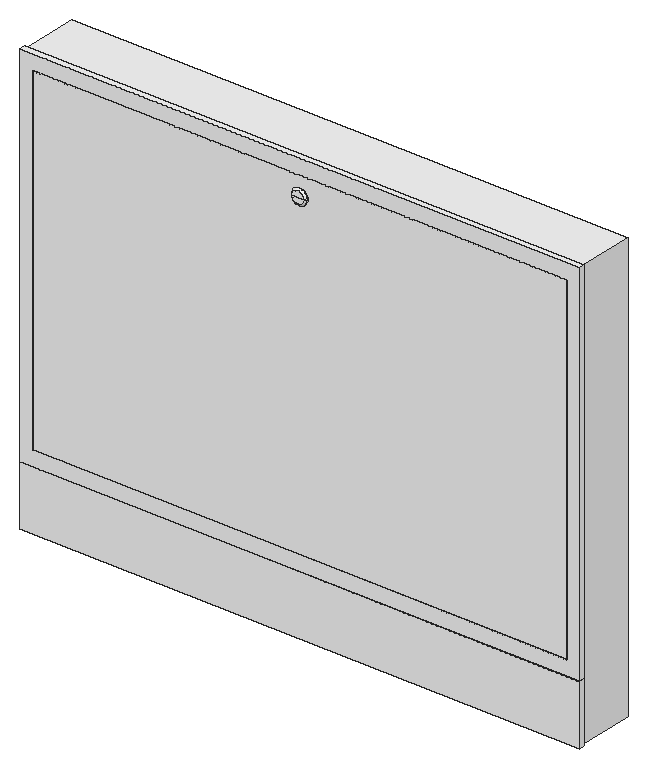
Revit family "UnoFloor Basic(Control)(Comfort)_RFA_1", category Pipe Accessories, Revit 2019
Family settings
  Round Connector Dimension = Use Diameter
  Part Type = Valve - Breaks Into
  OmniClass Number = 23.65.55.14.17
  OmniClass Title = Adjusting/Controlling Valves for Liquid Services
  Work Plane-Based = Yes
  Always vertical = Yes
  Cut with Voids When Loaded = No
  Shared = No
Parameters (values of type "UnoFloor Basic_4L-12L")
  W = 111.0 mm
  Voltage = 230 V
  URL = "https://store.danfoss.com/en/Climate-Solutions-for-heating/Stations/UnoFloor/c/31547?q=%3Arelevance%3Adanfoss_producttypehierarchydesc%3AUnoFloor+Basic&text="
  Type number = 1
  Type Comments = ""
  Right Assembly = not(Left Assembly)  # no
  Required Circuits [instance] = 12
  Product Code [instance] = if(Type number = 1, size_lookup(LookupTableName, "BL", "NA", Number of Circuits), if(Type number = 2, size_lookup(LookupTableName, "BR", "NA", Number of Circuits), if(Type number = 3, size_lookup(LookupTableName, "CL", "NA", Number of Circuits), if(Type number = 4, size_lookup(LookupTableName, "CR", "NA", Number of Circuits), if(Type number = 5, size_lookup(LookupTableName, "CoL", "NA", Number of Circuits), if(Type number = 6, size_lookup(LookupTableName, "CoR", "NA", Number of Circuits), "NA"))))))  # "088X3112"
  Pressure Drop [instance] = 0.0 Pa
  Power = 0 VA
  Pack Contents = "Danfoss Icon™ Wiring center 230V, Actuators, Stainless steel manifold, Spacer Heat meter"
  Number of Circuits [instance] = if(and(or(Type number = 3, Type number = 4), Required Circuits < 2), 2, if(and(or(Type number = 1, Type number = 2, Type number = 5, Type number = 6), Required Circuits < 4), 4, if(Required Circuits > 12, 12, if(Required Circuits = 9, 10, if(Required Circuits = 11, 12, Required Circuits)))))  # 12
  Nominal Pressure = "PN 6"  # constant formula
  Model Type [instance] = if(Type number = 1, size_lookup(LookupTableName, "TypeBL", "NA", Number of Circuits), if(Type number = 2, size_lookup(LookupTableName, "TypeBR", "NA", Number of Circuits), if(Type number = 3, size_lookup(LookupTableName, "TypeCL", "NA", Number of Circuits), if(Type number = 4, size_lookup(LookupTableName, "TypeCR", "NA", Number of Circuits), if(Type number = 5, size_lookup(LookupTableName, "TypeCoL", "NA", Number of Circuits), if(Type number = 6, size_lookup(LookupTableName, "TypeCoR", "NA", Number of Circuits), "NA"))))))  # "UnoFloor Basic 12 Loops Left Vert IW"
  Model = "088X3104, 088X3105, 088X3106, 088X3107, 088X3108, 088X3110, 088X3112"
  Max Medium Temperature = "60 °C"  # constant formula
  Max Differential Pressure = "0.6 bar"  # constant formula
  Manufacturer = "Danfoss"  # constant formula
  LookupTableName = "Unofloor Basic(Comfort)(control)_Lookup"  # constant formula
  Left Assembly = yes
  L5a [instance] = if(Left Assembly, L5, (L - L5 + 2.0 mm - ((Number of Circuits - 1) * 50.0 mm)))  # 255.5 mm
  L5 = 255.5 mm
  L4a [instance] = if(Left Assembly, L4, (L - L4 + 2.0 mm - ((Number of Circuits - 1) * 50.0 mm)))  # 280.5 mm
  L4 = 280.5 mm
  L3a [instance] = if(Left Assembly, L3, L - L3 + 2.0 mm)  # 194.0 mm
  L3 = 194.0 mm
  L2a [instance] = if(Left Assembly, L2, L - L2 + 2.0 mm)  # 99.6 mm
  L2 = 99.6 mm
  L1 = 50.0 mm  # constant formula
  L [instance] = if(and(Number of Circuits > 1, Number of Circuits < 7), 650.0 mm, if(and(Number of Circuits > 6, Number of Circuits < 9), 800.0 mm, 1000.0 mm))  # 1000.0 mm
  IfcExportType = "Unofloor Basic Left"
  IfcExportAs = "IfcValveType"  # constant formula
  H2 = 152.6 mm  # constant formula
  H1 = 263.3 mm  # constant formula
  H = 769.0 mm  # constant formula
  Flow 9 [instance] = 0.0 m³/h
  Flow 8 [instance] = 0.0 m³/h
  Flow 7 [instance] = 0.0 m³/h
  Flow 6 [instance] = 0.0 m³/h
  Flow 5 [instance] = 0.0 m³/h
  Flow 4 [instance] = 0.0 m³/h
  Flow 3 [instance] = 0.0 m³/h
  Flow 2 [instance] = 0.0 m³/h
  Flow 12 [instance] = 0.0 m³/h
  Flow 11 [instance] = 0.0 m³/h
  Flow 10 [instance] = 0.0 m³/h
  Flow 1 [instance] = 0.0 m³/h
  Flow [instance] = 0.0 m³/h
  Description = "Distribution Units"  # constant formula
  Default Elevation = 1219.2 mm
  D = 20.0 mm  # constant formula
  Clearance Zone Front Visibility [instance] = no
  Clearance Zone Front [instance] = 400.0 mm  # constant formula
  Body Material = Danfoss Steel (Zinc Plated and Painted White)
Types (7, lengths in mm): name | URL | Type number | Right Assembly | Product Code | Pack Contents | Model Type | Model | Left Assembly | L5a | L5 | L4a | L3a | L3 | L2a | L2 | IfcExportType
  (no name) | "https://store.danfoss.com/en/Climate-Solutions-for-heating/Stations/UnoFloor/c/31547?q=%3Arelevance%3Adanfoss_producttypehierarchydesc%3AUnoFloor+Basic&text=" | 1 | no | "088X3112" | "Danfoss Icon™ Wiring center 230V, Actuators, Stainless steel manifold, Spacer Heat meter" | "UnoFloor Basic 12 Loops Left Vert IW" | "088X3104, 088X3105, 088X3106, 088X3107, 088X3108, 088X3110, 088X3112" | yes | 255.5 | 255.5 | 280.5 | 194.0 | 194.0 | 99.6 | 99.6 | "Unofloor Basic Left"
  UnoFloor Control_4L-12L | "https://store.danfoss.com/en/Climate-Solutions-for-heating/Stations/UnoFloor/c/31547?q=%3Arelevance%3Adanfoss_producttypehierarchydesc%3AUnoFloor+Control&text=" | 5 | no | "088X3652" | "Danfoss Icon2™ Master controller 230V, Actuators, Stainless steel manifold, Spacer Heat meter, AB-PM" | "UnoFloor Control 12 Loops Left ICON2 - 230V" | "088X3644,088X3645,088X3646,088X3647,088X3648,088X3650,088X3652" | yes | 255.5 | 255.5 | 280.5 | 189.0 | 189.0 | 100.6 | 100.6 | "Unofloor Control Left"
  UnoFloor Basic_4R-12R | "https://store.danfoss.com/en/Climate-Solutions-for-heating/Stations/UnoFloor/c/31547?q=%3Arelevance%3Adanfoss_producttypehierarchydesc%3AUnoFloor+Basic&text=" | 2 | yes | "088X3132" | "Danfoss Icon™ Wiring center 230V, Actuators, Stainless steel manifold, Spacer Heat meter" | "UnoFloor Basic 12 Loops Right Vert IW" | "088X3124, 088X3125, 088X3126, 088X3127, 088X3128, 088X3130, 088X3132" | no | 146.5 | 305.5 | 171.5 | 808.0 | 194.0 | 902.4 | 99.6 | "Unofloor Basic Right"
  UnoFloor Basic_4L-12L | "https://store.danfoss.com/en/Climate-Solutions-for-heating/Stations/UnoFloor/c/31547?q=%3Arelevance%3Adanfoss_producttypehierarchydesc%3AUnoFloor+Basic&text=" | 1 | no | "088X3112" | "Danfoss Icon™ Wiring center 230V, Actuators, Stainless steel manifold, Spacer Heat meter" | "UnoFloor Basic 12 Loops Left Vert IW" | "088X3104, 088X3105, 088X3106, 088X3107, 088X3108, 088X3110, 088X3112" | yes | 255.5 | 255.5 | 280.5 | 194.0 | 194.0 | 99.6 | 99.6 | "Unofloor Basic Left"
  UnoFloor Control_4R-12R | "https://store.danfoss.com/en/Climate-Solutions-for-heating/Stations/UnoFloor/c/31547?q=%3Arelevance%3Adanfoss_producttypehierarchydesc%3AUnoFloor+Control&text=" | 6 | yes | "088X3672" | "Danfoss Icon2™ Master controller 230V, Actuators, Stainless steel manifold, Spacer Heat meter, AB-PM" | "UnoFloor Control 12 Loops Right ICON2 - 230V" | "088X3664,088X3665,088X3666,088X3667,088X3668,088X3670,088X3672" | no | 196.5 | 255.5 | 171.5 | 813.0 | 189.0 | 901.4 | 100.6 | "Unofloor Control Right"
  UnoFloor Comfort_2L-12L | "https://store.danfoss.com/en/Climate-Solutions-for-heating/Stations/UnoFloor/c/31547?q=%3Arelevance%3Adanfoss_producttypehierarchydesc%3AUnoFloor+Comfort&text=" | 3 | no | "088X3212" | "Danfoss Icon™ Wiring center 230V, Actuators, Stainless steel manifold, Spacer Heat meter, AB-PM" | "UnoFloor Comfort 12 Loops Left Vert IW" | "088X3202,088X3203,088X3204,088X3205,088X3206,088X3207,088X3208,088X3210,088X3212" | yes | 255.5 | 255.5 | 280.5 | 189.0 | 189.0 | 100.6 | 100.6 | "Unofloor Comfort Left"
  UnoFloor Comfort_2R-12R | "https://store.danfoss.com/en/Climate-Solutions-for-heating/Stations/UnoFloor/c/31547?q=%3Arelevance%3Adanfoss_producttypehierarchydesc%3AUnoFloor+Comfort&text=" | 4 | yes | "088X3232" | "Danfoss Icon™ Wiring center 230V, Actuators, Stainless steel manifold, Spacer Heat meter, AB-PM" | "UnoFloor Comfort 12 Loops Right Vert IW" | "088X3222,088X3223,088X3224,088X3225,088X3226,088X3227,088X3228,088X3230,088X3232" | no | 196.5 | 255.5 | 171.5 | 813.0 | 189.0 | 901.4 | 100.6 | "Unofloor Comfort Right"
Reference planes
  plane 1 "Center (Front/Back)": y = 0
  plane 2: z = 0
  plane 3 "Center (Left/Right)": x = 0
  plane 4: x = 0
  plane 5: x = 1000
  plane 6: z = 769
  plane 7 "Ref. Level 4": z = 152.6
  plane 8 "Ref. Level 3": z = 263.3
  plane 9 "Ref. Level 1": z = 436.7
  plane 10 "Ref. Level 2": z = 291.9
  plane 11: x = 280.5
  plane 12: y = 101
  plane 13 "Front 1": y = 66.5
  plane 14 "Front 2": y = 26.5
  plane 15: x = 99.6
  plane 16: x = 194
  plane 17: x = 255.5
  plane 18: y = -10
  plane 19: x = 500
  plane 20 "Ref-Level_1": z = 707.5
Forms (mm)
  Extrusion 1, solid
    sketch origin (255.5, 0, 436.7) x (0, 1, 0) y (-1, 0, 0)
      loop
        circle (66.5, 0) r 13.22
    from 0 to 16.7
  Extrusion 2, solid, material "Danfoss Steel (Zinc Plated and Painted White)" <- "Body Material", detail levels fine
    sketch origin (94.5, 0, 0) x (1, 0, 0) y (0, 0, 1)
      loop
        line (-94.5, 0) -> (905.5, 0) -> (905.5, 769) -> (-94.5, 769) -> (-94.5, 0)
    from 10 to -101
  Extrusion 3, solid
    sketch origin (305.5, 0, 436.7) x (0, 1, 0) y (-1, 0, 0)
      loop
        circle (66.5, 0) r 13.22
    from 0 to 16.7
  Extrusion 4, solid
    sketch origin (355.5, 0, 436.7) x (0, 1, 0) y (-1, 0, 0)
      loop
        circle (66.5, 0) r 13.22
    from 0 to 16.7
  Extrusion 5, solid
    sketch origin (405.5, 0, 436.7) x (0, 1, 0) y (-1, 0, 0)
      loop
        circle (66.5, 0) r 13.22
    from 0 to 16.7
  Extrusion 6, solid
    sketch origin (244, 61.5, 291.9) x (0, 1, 0) y (-1, 0, 0)
      loop
        circle (-35, -36.5) r 13.22
    from 0 to 16.7
  Extrusion 7, solid
    sketch origin (294, 61.5, 291.9) x (0, 1, 0) y (-1, 0, 0)
      loop
        circle (-35, -36.5) r 13.22
    from 0 to 16.7
  Extrusion 8, solid
    sketch origin (344, 61.5, 291.9) x (0, 1, 0) y (-1, 0, 0)
      loop
        circle (-35, -36.5) r 13.22
    from 0 to 16.7
  Extrusion 9, solid
    sketch origin (394, 61.5, 291.9) x (0, 1, 0) y (-1, 0, 0)
      loop
        circle (-35, -36.5) r 13.22
    from 0 to 16.7
  Extrusion 10, solid, material "Danfoss Steel (Zinc Plated and Painted White)" <- "Body Material", detail levels fine
    sketch origin (94.5, 0, 263.3) x (-1, 0, 0) y (0, -1, 0)
      loop
        circle (-5.1, -66.5) r 13.2
    from 0 to 12.3
  Extrusion 11, solid, material "Danfoss Steel (Zinc Plated and Painted White)" <- "Body Material", detail levels fine
    sketch origin (94.5, 0, 152.6) x (-1, 0, 0) y (0, -1, 0)
      loop
        circle (-99.5, -26.5) r 13.2
    from 0 to 12.3
  Extrusion 12, solid
    sketch origin (455.5, 0, 436.7) x (0, 1, 0) y (-1, 0, 0)
      loop
        circle (66.5, 0) r 13.22
    from 0 to 16.7
  Extrusion 13, solid
    sketch origin (505.5, 0, 436.7) x (0, 1, 0) y (-1, 0, 0)
      loop
        circle (66.5, 0) r 13.22
    from 0 to 16.7
  Extrusion 14, solid
    sketch origin (555.5, 0, 436.7) x (0, 1, 0) y (-1, 0, 0)
      loop
        circle (66.5, 0) r 13.22
    from 0 to 16.7
  Extrusion 15, solid
    sketch origin (605.5, 0, 436.7) x (0, 1, 0) y (-1, 0, 0)
      loop
        circle (66.5, 0) r 13.22
    from 0 to 16.7
  Extrusion 16, solid
    sketch origin (655.5, 0, 436.7) x (0, 1, 0) y (-1, 0, 0)
      loop
        circle (66.5, 0) r 13.22
    from 0 to 16.7
  Extrusion 17, solid
    sketch origin (705.5, 0, 436.7) x (0, 1, 0) y (-1, 0, 0)
      loop
        circle (66.5, 0) r 13.22
    from 0 to 16.7
  Extrusion 18, solid
    sketch origin (755.5, 0, 436.7) x (0, 1, 0) y (-1, 0, 0)
      loop
        circle (66.5, 0) r 13.22
    from 0 to 16.7
  Extrusion 19, solid
    sketch origin (805.5, 0, 436.7) x (0, 1, 0) y (-1, 0, 0)
      loop
        circle (66.5, 0) r 13.22
    from 0 to 16.7
  Extrusion 20, solid
    sketch origin (444, 61.5, 291.9) x (0, 1, 0) y (-1, 0, 0)
      loop
        circle (-35, -36.5) r 13.22
    from 0 to 16.7
  Extrusion 21, solid
    sketch origin (494, 61.5, 291.9) x (0, 1, 0) y (-1, 0, 0)
      loop
        circle (-35, -36.5) r 13.22
    from 0 to 16.7
  Extrusion 22, solid
    sketch origin (544, 61.5, 291.9) x (0, 1, 0) y (-1, 0, 0)
      loop
        circle (-35, -36.5) r 13.22
    from 0 to 16.7
  Extrusion 23, solid
    sketch origin (594, 61.5, 291.9) x (0, 1, 0) y (-1, 0, 0)
      loop
        circle (-35, -36.5) r 13.22
    from 0 to 16.7
  Extrusion 24, solid
    sketch origin (644, 61.5, 291.9) x (0, 1, 0) y (-1, 0, 0)
      loop
        circle (-35, -36.5) r 13.22
    from 0 to 16.7
  Extrusion 25, solid
    sketch origin (694, 61.5, 291.9) x (0, 1, 0) y (-1, 0, 0)
      loop
        circle (-35, -36.5) r 13.22
    from 0 to 16.7
  Extrusion 26, solid
    sketch origin (744, 61.5, 291.9) x (0, 1, 0) y (-1, 0, 0)
      loop
        circle (-35, -36.5) r 13.22
    from 0 to 16.7
  Extrusion 27, solid
    sketch origin (794, 61.5, 291.9) x (0, 1, 0) y (-1, 0, 0)
      loop
        circle (-35, -36.5) r 13.22
    from 0 to 16.7
  Extrusion 28, void
    sketch origin (0, 0, 0) x (1, 0, 0) y (0, 0, 1)
      loop
        line (23, 742) -> (23, 134) -> (977, 134) -> (977, 742) -> (23, 742)
      loop
        line (24, 135) -> (976, 135) -> (976, 741) -> (24, 741) -> (24, 135)
    from 0 to 10
  Extrusion 29, void
    sketch origin (0, 0, 0) x (1, 0, 0) y (0, 0, 1)
      loop
        line (0, 108) -> (0, 107) -> (1000, 107) -> (1000, 108) -> (0, 108)
    from 0 to 10
  Extrusion 30, void
    sketch origin (0, 0, 0) x (1, 0, 0) y (0, 0, 1)
      loop
        line (0, 769) -> (0, 0) -> (3.5, 0) -> (3.5, 766.5) -> (996.5, 766.5) -> (996.5, 0) -> (1000, 0) -> (1000, 769) -> (0, 769)
    from 0 to -101
  Revolve 31, solid, material "Danfoss Steel (Zinc Plated and Painted White)" <- "Body Material", detail levels fine
    sketch origin (0, 0, 707.5) x (-1, 0, 0) y (0, -1, 0)
      loop
        line (-485.988, 10) -> (-485.988, 11) -> (-488.988, 14) -> (-500, 14) -> (-500, 10) -> (-485.988, 10)
      axis (-500, 10) -> (-500, 14)
    angle from 0 to 360
  Extrusion 32, solid, material "Danfoss Steel (Zinc Plated and Painted White)" <- "Body Material", detail levels coarse+medium
    sketch origin (0, 0, 0) x (1, 0, 0) y (0, 0, 1)
      loop
        line (1000, 769) -> (0, 769) -> (0, 0) -> (1000, 0) -> (1000, 769)
    from -101 to 10
  Extrusion 33, solid, material "Transparent", visible <- "Clearance Zone Front Visibility"
    sketch origin (0, 0, 0) x (1, 0, 0) y (0, 0, 1)
      loop
        line (0, 769) -> (0, 0) -> (1000, 0) -> (1000, 769) -> (0, 769)
    from -101 to 299
Cuts and joins
  Extrusion 28, Extrusion 29, Extrusion 30 cuts Extrusion 2
Dimensions and locks
  "L": plane 5 to plane 4
  "H": plane 6 to level
  "H2": plane 7 "Ref. Level 4" to level
  "H1": plane 8 "Ref. Level 3" to level
  locked: plane 9 "Ref. Level 1" to plane 2 at 436.7
  equal spacing: group 1, group 2, group 3, group 4, group 9, group 10, group 11, group 12, group 13, group 14, group 15, group 16  (x3)
  locked: plane 13 "Front 1" to plane 12 at 34.5
  locked: plane 14 "Front 2" to plane 13 "Front 1" at 40
  equal spacing: group 5, group 6, group 7, group 8, group 17, group 18, group 19, group 20, group 21, group 22, group 23, group 24  (x3)
  "L1": plane 11 to Extrusion 7
  locked: plane 9 "Ref. Level 1" to plane 10 "Ref. Level 2" at 144.8
  "L4a": plane 11 to plane 4
  "L1": plane 17 to Extrusion 3
  "L5a": plane 17 to plane 4
  "L2a": plane 15 to plane 4
  "L3a": plane 16 to plane 4
  "W": plane 18 to plane 12
  locked: plane 18 to plane 1 "Center (Front/Back)" at 10
  locked: plane 6 to Extrusion 28 sketch curve at 27
  locked: Extrusion 28 sketch curve to plane 4 at 23
  locked: plane 5 to Extrusion 28 sketch curve at 23
  locked: Extrusion 28 sketch curve to Extrusion 28 sketch curve at 1
  equal spacing: plane 5, plane 19, plane 3 "Center (Left/Right)"
  Extrusion 29 sketch curve to Extrusion 29 sketch curve to plane 2 = 1.0 mm locked, 107.0 mm locked
  locked: Extrusion 30 sketch curve to plane 4 at 3.5
  locked: plane 6 to Extrusion 30 sketch curve at 2.5
  locked: plane 5 to Extrusion 30 sketch curve at 3.5
  locked: plane 6 to plane 20 "Ref-Level_1" at 61.5
  Revolve 31 sketch curve to Revolve 31 sketch curve = 14.012 mm
  locked: Revolve 31 sketch curve to cut or joined group of Extrusion 2, Extrusion 28, Extrusion 29, Extrusion 30 at 4
  locked: Revolve 31 sketch curve to cut or joined group of Extrusion 2, Extrusion 28, Extrusion 29, Extrusion 30 at 1
  "Clearance Zone Front": Extrusion 33 to plane 12
  locked: Extrusion 28 sketch curve to plane 2 at 134
  diameter of Extrusion 1 sketch curve = 26.44 mm
  diameter of Extrusion 3 sketch curve = 26.44 mm
  diameter of Extrusion 4 sketch curve = 26.44 mm
  diameter of Extrusion 5 sketch curve = 26.44 mm
  diameter of Extrusion 6 sketch curve = 26.44 mm
  diameter of Extrusion 7 sketch curve = 26.44 mm
  diameter of Extrusion 8 sketch curve = 26.44 mm
  diameter of Extrusion 9 sketch curve = 26.44 mm
  diameter of Extrusion 10 sketch curve = 26.4 mm
  diameter of Extrusion 11 sketch curve = 26.4 mm
  diameter of Extrusion 12 sketch curve = 26.44 mm
  diameter of Extrusion 13 sketch curve = 26.44 mm
  diameter of Extrusion 14 sketch curve = 26.44 mm
  diameter of Extrusion 15 sketch curve = 26.44 mm
  diameter of Extrusion 16 sketch curve = 26.44 mm
  diameter of Extrusion 17 sketch curve = 26.44 mm
  diameter of Extrusion 18 sketch curve = 26.44 mm
  diameter of Extrusion 19 sketch curve = 26.44 mm
  diameter of Extrusion 20 sketch curve = 26.44 mm
  diameter of Extrusion 21 sketch curve = 26.44 mm
  diameter of Extrusion 22 sketch curve = 26.44 mm
  diameter of Extrusion 23 sketch curve = 26.44 mm
  diameter of Extrusion 24 sketch curve = 26.44 mm
  diameter of Extrusion 25 sketch curve = 26.44 mm
  diameter of Extrusion 26 sketch curve = 26.44 mm
  diameter of Extrusion 27 sketch curve = 26.44 mm
  locked: Revolve 31 sketch curve to Revolve 31 sketch curve (angle 135.00°)
  aligned and locked: level to plane 2
  aligned and locked: plane 17 to Extrusion 1
  aligned and locked: plane 11 to Extrusion 6
  aligned and locked: plane 18 to Extrusion 2
  aligned and locked: Extrusion 2 to plane 12
  aligned and locked: Extrusion 2 to Extrusion 28
  aligned and locked: plane 3 "Center (Left/Right)" to Extrusion 29 sketch curve
  aligned and locked: Extrusion 29 sketch curve to plane 5
  aligned and locked: Extrusion 2 to Extrusion 29
  aligned and locked: Extrusion 30 sketch curve to cut or joined group of Extrusion 2, Extrusion 28, Extrusion 29, Extrusion 30  (x2)
  aligned and locked: cut or joined group of Extrusion 2, Extrusion 28, Extrusion 29, Extrusion 30 to Extrusion 30 sketch curve
  aligned and locked: Extrusion 30 sketch curve to plane 2
  aligned and locked: Extrusion 30 to Extrusion 2
  aligned and locked: cut or joined group of Extrusion 2, Extrusion 28, Extrusion 29, Extrusion 30 to Revolve 31 sketch curve
  aligned and locked: Revolve 31 sketch curve to plane 19
  aligned and locked: Revolve 31 sketch curve to Revolve 31 sketch curve  (x3)
  aligned and locked: Extrusion 32 sketch curve to cut or joined group of Extrusion 2, Extrusion 28, Extrusion 29, Extrusion 30  (x3)
  aligned and locked: cut or joined group of Extrusion 2, Extrusion 28, Extrusion 29, Extrusion 30 to Extrusion 32 sketch curve
  aligned and locked: plane 18 to Extrusion 32
  aligned and locked: Extrusion 32 to plane 12
  aligned and locked: Extrusion 33 sketch curve to cut or joined group of Extrusion 2, Extrusion 28, Extrusion 29, Extrusion 30  (x3)
  aligned and locked: cut or joined group of Extrusion 2, Extrusion 28, Extrusion 29, Extrusion 30 to Extrusion 33 sketch curve
  aligned and locked: Extrusion 33 to plane 12
Automatic sketch dimensions
  Extrusion 2 sketch curve to plane 4 = 0.0 mm
  Extrusion 2 sketch curve to plane 5 = 0.0 mm
  Extrusion 2 sketch curve to level = 0.0 mm
  Extrusion 2 sketch curve to plane 6 = 0.0 mm
  plane 13 "Front 1" to Extrusion 10 sketch curve = 0.0 mm
  Extrusion 10 sketch curve to plane 15 = 0.0 mm
  plane 14 "Front 2" to Extrusion 11 sketch curve = 0.0 mm
  Extrusion 11 sketch curve to plane 16 = 0.0 mm
  Extrusion 28 sketch curve to Extrusion 28 sketch curve = 1.0 mm  (x3)
  Extrusion 30 sketch curve to level = 0.0 mm
Connectors
  piping at (99.6, 66.5, 263.3), diameter 20, driven by "D", driven by "Flow"
    settings: on Extrusion 10, index 1, connector inside diameter 609.6 mm, connector length 0.0 mm, flow factor 0, pipe flow 0.0 m³/h, pressure drop 0.0 Pa, fitting loss kfactor 0, connector angle 0.00°, fixture units 0, engagement length 0.0 mm, angle of deflection 0.00°, flow configuration 0, flow direction 2, fitting loss method 0, system type 8, joint type 0, gender type 0, connector reference index -1, connector utility 0, adjustable connector no, is connector primary yes, connector description "Return"
  piping at (194, 26.5, 152.6), diameter 20, driven by "D", driven by "Flow"
    settings: on Extrusion 11, index 2, connector inside diameter 609.6 mm, connector length 0.0 mm, flow factor 0, pipe flow 0.0 m³/h, pressure drop 0.0 Pa, fitting loss kfactor 0, connector angle 0.00°, fixture units 0, engagement length 0.0 mm, angle of deflection 0.00°, flow configuration 0, flow direction 1, fitting loss method 0, system type 7, joint type 0, gender type 0, connector reference index -1, connector utility 0, adjustable connector no, is connector primary no, connector description "Supply"
  piping at (280.5, 26.5, 291.9), diameter 20, driven by "D", driven by "Flow 1"
    settings: on Extrusion 6, index 3, connector inside diameter 609.6 mm, connector length 0.0 mm, flow factor 0, pipe flow 0.0 m³/h, pressure drop 0.0 Pa, fitting loss kfactor 0, connector angle 0.00°, fixture units 0, engagement length 0.0 mm, angle of deflection 0.00°, flow configuration 0, flow direction 1, fitting loss method 0, system type 7, joint type 0, gender type 0, connector reference index -1, connector utility 0, adjustable connector no, is connector primary no, connector description "Supply1"
  piping at (330.5, 26.5, 291.9), diameter 20, driven by "D", driven by "Flow 2"
    settings: on Extrusion 7, index 4, connector inside diameter 609.6 mm, connector length 0.0 mm, flow factor 0, pipe flow 0.0 m³/h, pressure drop 0.0 Pa, fitting loss kfactor 0, connector angle 0.00°, fixture units 0, engagement length 0.0 mm, angle of deflection 0.00°, flow configuration 0, flow direction 1, fitting loss method 0, system type 7, joint type 0, gender type 0, connector reference index -1, connector utility 0, adjustable connector no, is connector primary no, connector description "Supply2"
  piping at (380.5, 26.5, 291.9), diameter 20, driven by "D", driven by "Flow 3"
    settings: on Extrusion 8, index 5, connector inside diameter 609.6 mm, connector length 0.0 mm, flow factor 0, pipe flow 0.0 m³/h, pressure drop 0.0 Pa, fitting loss kfactor 0, connector angle 0.00°, fixture units 0, engagement length 0.0 mm, angle of deflection 0.00°, flow configuration 0, flow direction 1, fitting loss method 0, system type 7, joint type 0, gender type 0, connector reference index -1, connector utility 0, adjustable connector no, is connector primary no, connector description "Supply3"
  piping at (430.5, 26.5, 291.9), diameter 20, driven by "D", driven by "Flow 4"
    settings: on Extrusion 9, index 6, connector inside diameter 609.6 mm, connector length 0.0 mm, flow factor 0, pipe flow 0.0 m³/h, pressure drop 0.0 Pa, fitting loss kfactor 0, connector angle 0.00°, fixture units 0, engagement length 0.0 mm, angle of deflection 0.00°, flow configuration 0, flow direction 1, fitting loss method 0, system type 7, joint type 0, gender type 0, connector reference index -1, connector utility 0, adjustable connector no, is connector primary no, connector description "Supply4"
  piping at (405.5, 66.5, 436.7), diameter 20, driven by "D", driven by "Flow 4"
    settings: on Extrusion 5, index 11, connector inside diameter 609.6 mm, connector length 0.0 mm, flow factor 0, pipe flow 0.0 m³/h, pressure drop 0.0 Pa, fitting loss kfactor 0, connector angle 0.00°, fixture units 0, engagement length 0.0 mm, angle of deflection 0.00°, flow configuration 0, flow direction 2, fitting loss method 0, system type 8, joint type 0, gender type 0, connector reference index -1, connector utility 0, adjustable connector no, is connector primary no, connector description "Return4"
  piping at (355.5, 66.5, 436.7), diameter 20, driven by "D", driven by "Flow 3"
    settings: on Extrusion 4, index 12, connector inside diameter 609.6 mm, connector length 0.0 mm, flow factor 0, pipe flow 0.0 m³/h, pressure drop 0.0 Pa, fitting loss kfactor 0, connector angle 0.00°, fixture units 0, engagement length 0.0 mm, angle of deflection 0.00°, flow configuration 0, flow direction 2, fitting loss method 0, system type 8, joint type 0, gender type 0, connector reference index -1, connector utility 0, adjustable connector no, is connector primary no, connector description "Return3"
  piping at (305.5, 66.5, 436.7), diameter 20, driven by "D", driven by "Flow 2"
    settings: on Extrusion 3, index 13, connector inside diameter 609.6 mm, connector length 0.0 mm, flow factor 0, pipe flow 0.0 m³/h, pressure drop 0.0 Pa, fitting loss kfactor 0, connector angle 0.00°, fixture units 0, engagement length 0.0 mm, angle of deflection 0.00°, flow configuration 0, flow direction 2, fitting loss method 0, system type 8, joint type 0, gender type 0, connector reference index -1, connector utility 0, adjustable connector no, is connector primary no, connector description "Return2"
  piping at (255.5, 66.5, 436.7), diameter 20, driven by "D", driven by "Flow 1"
    settings: on Extrusion 1, index 14, connector inside diameter 609.6 mm, connector length 0.0 mm, flow factor 0, pipe flow 0.0 m³/h, pressure drop 0.0 Pa, fitting loss kfactor 0, connector angle 0.00°, fixture units 0, engagement length 0.0 mm, angle of deflection 0.00°, flow configuration 0, flow direction 2, fitting loss method 0, system type 8, joint type 0, gender type 0, connector reference index -1, connector utility 0, adjustable connector no, is connector primary no, connector description "Return1"
  piping at (455.5, 66.5, 436.7), diameter 20, driven by "D", driven by "Flow 5"
    settings: on Extrusion 12, index 15, connector inside diameter 609.6 mm, connector length 0.0 mm, flow factor 0, pipe flow 0.0 m³/h, pressure drop 0.0 Pa, fitting loss kfactor 0, connector angle 0.00°, fixture units 0, engagement length 0.0 mm, angle of deflection 0.00°, flow configuration 0, flow direction 2, fitting loss method 0, system type 8, joint type 0, gender type 0, connector reference index -1, connector utility 0, adjustable connector no, is connector primary no, connector description "Return5"
  piping at (505.5, 66.5, 436.7), diameter 20, driven by "D", driven by "Flow 6"
    settings: on Extrusion 13, index 16, connector inside diameter 609.6 mm, connector length 0.0 mm, flow factor 0, pipe flow 0.0 m³/h, pressure drop 0.0 Pa, fitting loss kfactor 0, connector angle 0.00°, fixture units 0, engagement length 0.0 mm, angle of deflection 0.00°, flow configuration 0, flow direction 2, fitting loss method 0, system type 8, joint type 0, gender type 0, connector reference index -1, connector utility 0, adjustable connector no, is connector primary no, connector description "Return6"
  piping at (555.5, 66.5, 436.7), diameter 20, driven by "D", driven by "Flow 7"
    settings: on Extrusion 14, index 17, connector inside diameter 609.6 mm, connector length 0.0 mm, flow factor 0, pipe flow 0.0 m³/h, pressure drop 0.0 Pa, fitting loss kfactor 0, connector angle 0.00°, fixture units 0, engagement length 0.0 mm, angle of deflection 0.00°, flow configuration 0, flow direction 2, fitting loss method 0, system type 8, joint type 0, gender type 0, connector reference index -1, connector utility 0, adjustable connector no, is connector primary no, connector description "Return7"
  piping at (605.5, 66.5, 436.7), diameter 20, driven by "D", driven by "Flow 8"
    settings: on Extrusion 15, index 18, connector inside diameter 609.6 mm, connector length 0.0 mm, flow factor 0, pipe flow 0.0 m³/h, pressure drop 0.0 Pa, fitting loss kfactor 0, connector angle 0.00°, fixture units 0, engagement length 0.0 mm, angle of deflection 0.00°, flow configuration 0, flow direction 2, fitting loss method 0, system type 8, joint type 0, gender type 0, connector reference index -1, connector utility 0, adjustable connector no, is connector primary no, connector description "Return8"
  piping at (655.5, 66.5, 436.7), diameter 20, driven by "D", driven by "Flow 9"
    settings: on Extrusion 16, index 19, connector inside diameter 609.6 mm, connector length 0.0 mm, flow factor 0, pipe flow 0.0 m³/h, pressure drop 0.0 Pa, fitting loss kfactor 0, connector angle 0.00°, fixture units 0, engagement length 0.0 mm, angle of deflection 0.00°, flow configuration 0, flow direction 2, fitting loss method 0, system type 8, joint type 0, gender type 0, connector reference index -1, connector utility 0, adjustable connector no, is connector primary no, connector description "Return9"
  piping at (705.5, 66.5, 436.7), diameter 20, driven by "D", driven by "Flow 10"
    settings: on Extrusion 17, index 20, connector inside diameter 609.6 mm, connector length 0.0 mm, flow factor 0, pipe flow 0.0 m³/h, pressure drop 0.0 Pa, fitting loss kfactor 0, connector angle 0.00°, fixture units 0, engagement length 0.0 mm, angle of deflection 0.00°, flow configuration 0, flow direction 2, fitting loss method 0, system type 8, joint type 0, gender type 0, connector reference index -1, connector utility 0, adjustable connector no, is connector primary no, connector description "Return10"
  piping at (755.5, 66.5, 436.7), diameter 20, driven by "D", driven by "Flow 11"
    settings: on Extrusion 18, index 21, connector inside diameter 609.6 mm, connector length 0.0 mm, flow factor 0, pipe flow 0.0 m³/h, pressure drop 0.0 Pa, fitting loss kfactor 0, connector angle 0.00°, fixture units 0, engagement length 0.0 mm, angle of deflection 0.00°, flow configuration 0, flow direction 2, fitting loss method 0, system type 8, joint type 0, gender type 0, connector reference index -1, connector utility 0, adjustable connector no, is connector primary no, connector description "Return11"
  piping at (805.5, 66.5, 436.7), diameter 20, driven by "D", driven by "Flow 12"
    settings: on Extrusion 19, index 22, connector inside diameter 609.6 mm, connector length 0.0 mm, flow factor 0, pipe flow 0.0 m³/h, pressure drop 0.0 Pa, fitting loss kfactor 0, connector angle 0.00°, fixture units 0, engagement length 0.0 mm, angle of deflection 0.00°, flow configuration 0, flow direction 2, fitting loss method 0, system type 8, joint type 0, gender type 0, connector reference index -1, connector utility 0, adjustable connector no, is connector primary no, connector description "Return12"
  piping at (830.5, 26.5, 291.9), diameter 20, driven by "D", driven by "Flow 12"
    settings: on Extrusion 27, index 23, connector inside diameter 609.6 mm, connector length 0.0 mm, flow factor 0, pipe flow 0.0 m³/h, pressure drop 0.0 Pa, fitting loss kfactor 0, connector angle 0.00°, fixture units 0, engagement length 0.0 mm, angle of deflection 0.00°, flow configuration 0, flow direction 1, fitting loss method 0, system type 7, joint type 0, gender type 0, connector reference index -1, connector utility 0, adjustable connector no, is connector primary no, connector description "Supply12"
  piping at (780.5, 26.5, 291.9), diameter 20, driven by "D", driven by "Flow 11"
    settings: on Extrusion 26, index 24, connector inside diameter 609.6 mm, connector length 0.0 mm, flow factor 0, pipe flow 0.0 m³/h, pressure drop 0.0 Pa, fitting loss kfactor 0, connector angle 0.00°, fixture units 0, engagement length 0.0 mm, angle of deflection 0.00°, flow configuration 0, flow direction 1, fitting loss method 0, system type 7, joint type 0, gender type 0, connector reference index -1, connector utility 0, adjustable connector no, is connector primary no, connector description "Supply11"
  piping at (730.5, 26.5, 291.9), diameter 20, driven by "D", driven by "Flow 10"
    settings: on Extrusion 25, index 25, connector inside diameter 609.6 mm, connector length 0.0 mm, flow factor 0, pipe flow 0.0 m³/h, pressure drop 0.0 Pa, fitting loss kfactor 0, connector angle 0.00°, fixture units 0, engagement length 0.0 mm, angle of deflection 0.00°, flow configuration 0, flow direction 1, fitting loss method 0, system type 7, joint type 0, gender type 0, connector reference index -1, connector utility 0, adjustable connector no, is connector primary no, connector description "Supply10"
  piping at (680.5, 26.5, 291.9), diameter 20, driven by "D", driven by "Flow 9"
    settings: on Extrusion 24, index 26, connector inside diameter 609.6 mm, connector length 0.0 mm, flow factor 0, pipe flow 0.0 m³/h, pressure drop 0.0 Pa, fitting loss kfactor 0, connector angle 0.00°, fixture units 0, engagement length 0.0 mm, angle of deflection 0.00°, flow configuration 0, flow direction 1, fitting loss method 0, system type 7, joint type 0, gender type 0, connector reference index -1, connector utility 0, adjustable connector no, is connector primary no, connector description "Supply9"
  piping at (630.5, 26.5, 291.9), diameter 20, driven by "D", driven by "Flow 8"
    settings: on Extrusion 23, index 27, connector inside diameter 609.6 mm, connector length 0.0 mm, flow factor 0, pipe flow 0.0 m³/h, pressure drop 0.0 Pa, fitting loss kfactor 0, connector angle 0.00°, fixture units 0, engagement length 0.0 mm, angle of deflection 0.00°, flow configuration 0, flow direction 1, fitting loss method 0, system type 7, joint type 0, gender type 0, connector reference index -1, connector utility 0, adjustable connector no, is connector primary no, connector description "Supply8"
  piping at (580.5, 26.5, 291.9), diameter 20, driven by "D", driven by "Flow 7"
    settings: on Extrusion 22, index 28, connector inside diameter 609.6 mm, connector length 0.0 mm, flow factor 0, pipe flow 0.0 m³/h, pressure drop 0.0 Pa, fitting loss kfactor 0, connector angle 0.00°, fixture units 0, engagement length 0.0 mm, angle of deflection 0.00°, flow configuration 0, flow direction 1, fitting loss method 0, system type 7, joint type 0, gender type 0, connector reference index -1, connector utility 0, adjustable connector no, is connector primary no, connector description "Supply7"
  piping at (530.5, 26.5, 291.9), diameter 20, driven by "D", driven by "Flow 6"
    settings: on Extrusion 21, index 29, connector inside diameter 609.6 mm, connector length 0.0 mm, flow factor 0, pipe flow 0.0 m³/h, pressure drop 0.0 Pa, fitting loss kfactor 0, connector angle 0.00°, fixture units 0, engagement length 0.0 mm, angle of deflection 0.00°, flow configuration 0, flow direction 1, fitting loss method 0, system type 7, joint type 0, gender type 0, connector reference index -1, connector utility 0, adjustable connector no, is connector primary no, connector description "Supply6"
  piping at (480.5, 26.5, 291.9), diameter 20, driven by "D", driven by "Flow 5"
    settings: on Extrusion 20, index 30, connector inside diameter 609.6 mm, connector length 0.0 mm, flow factor 0, pipe flow 0.0 m³/h, pressure drop 0.0 Pa, fitting loss kfactor 0, connector angle 0.00°, fixture units 0, engagement length 0.0 mm, angle of deflection 0.00°, flow configuration 0, flow direction 1, fitting loss method 0, system type 7, joint type 0, gender type 0, connector reference index -1, connector utility 0, adjustable connector no, is connector primary no, connector description "Supply5"
  electrical at (0, 0, 0), driven by "Voltage", driven by "Power"
    settings: index 31, voltage 230 V, apparent load 0 VA, apparent load phase1 0 VA, apparent load phase2 0 VA, apparent load phase3 0 VA, power factor 0.95, load classification "HVAC", number of poles 1, system type 30, power factor state 1, is connector primary yes, connector utility no, sub classification motor no, connector description ""
